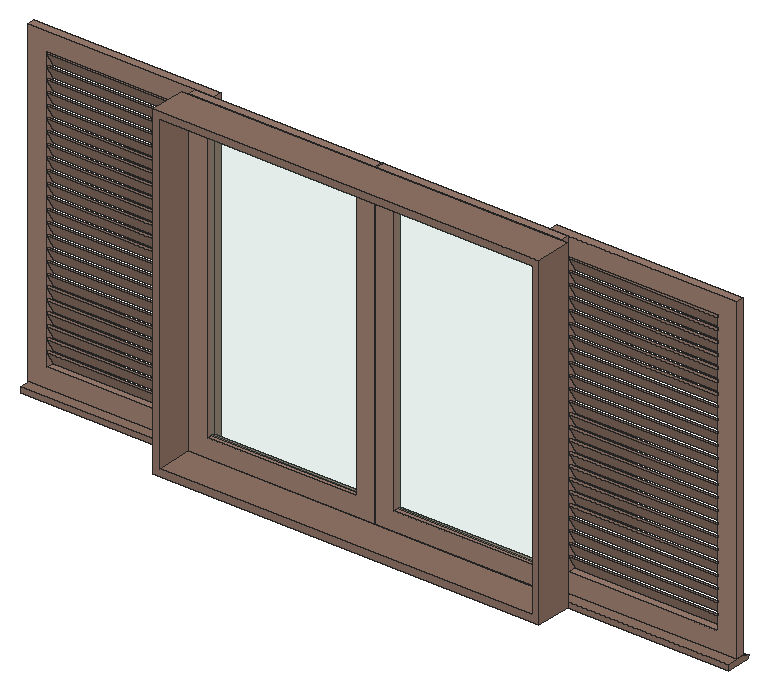
Revit family "Janela de correr com rebaixo_04", category Janelas, Revit 2015
Parameters (values of type "140x120x90")
  Vidro = Vidro, vitrificação transparente
  Rebaixo [instance] = 6.5 cm
  Peitoril externo = Amendoeira
  Nº de venezianas = Altura / 5 cm  # 24
  Largura do caixilho = 7 cm
  Largura da Folha = Largura / 2  # 70 cm
  Espessura do vidro = 0.6 cm
  Espessura do marco = 2.5 cm
  Espessura da folha = 3 cm
  Caixilho = Janela - Caixilho
  Altura = 120 cm
  Altura-padrão do peitoril = 90 cm
  Fechamento da parede = Por hospedeiro
  Largura = 140 cm
Types (3, lengths in cm): name | Largura da Folha | Largura
  (no name) | 70 | 140
  120x120x90 | 60 | 120
  140x120x90 | 70 | 140
Reference planes (cm)
  plane 1 "Centro (Frente/Trás)": y = 0
  plane 2 "Centro (Esquerda/Direita)": x = 0
  plane 3 "Esquerda": x = -70
  plane 4 "Direita": x = 70
  plane 5 "Peitoril": z = 90
  plane 6 "Extremidade superior": z = 210
  plane 7 "Exterior": y = 10.3327
  plane 8 "Interior": y = -9.6673
  plane 9 "Rebaixo": y = 3.8327
  plane 10: x = 63
  plane 11: x = 133
  plane 12: x = -63
  plane 13: x = -133
  plane 14: x = 135.5
  plane 15: x = -135.5
  plane 16: z = 212.5
  plane 17: z = 87.5
  plane 18: x = 72.5
  plane 19: x = -72.5
  plane 20: y = 7.3327
  plane 21: y = 7.0827
  plane 22: y = 4.0827
  plane 23: z = 207.5
  plane 24: x = 0
Forms (cm)
  Extrusion 1, void
    sketch origin (0, 0, 0) x (1, 0, 0) y (0, 1, 0)
      loop
        line (-133, 10.3327) -> (-133, 3.8327) -> (-72.5, 3.8327) -> (-72.5, -9.6673) -> (72.5, -9.6673) -> (72.5, 3.8327) -> (133, 3.8327) -> (133, 10.3327) -> (-133, 10.3327)
    from 87.5 to 210
  Extrusion 2, solid, material "Amendoeira"
    sketch origin (0, -9.6673, 0) x (1, 0, 0) y (0, 0, 1)
      loop
        line (-72.5, 210) -> (-72.5, 87.5) -> (72.5, 87.5) -> (72.5, 210) -> (-72.5, 210)
      loop
        line (-70, 207.5) -> (-70, 90) -> (70, 90) -> (70, 207.5) -> (-70, 207.5)
    from -13.5 to 0
  Extrusion 3, solid, material "Amendoeira"
    sketch origin (-70, 0, 0) x (0, -1, 0) y (0, 0, 1)
      loop
        line (-3.8327, 87.5) -> (-3.8327, 89.5) -> (-10.3327, 89.5) -> (-12.5848, 89.1029)
        arc (-12.5848, 89.1029) -> (-12.7625, 89.0003) -> (-12.8327, 88.8075) r 0.3
        line (-12.8327, 88.8075) -> (-12.8327, 87.5) -> (-12.3327, 87.5)
        arc (-12.3327, 87.5) -> (-11.8327, 88) -> (-11.3327, 87.5) r 0.5
        line (-11.3327, 87.5) -> (-3.8327, 87.5)
    from -203 to 63
  Extrusion 4, solid, material "Amendoeira"
    sketch origin (-70, 0, 0) x (0, -1, 0) y (0, 0, 1)
      loop
        line (-3.8327, 87.5) -> (-3.8327, 89.5) -> (-10.3327, 89.5) -> (-10.3327, 87.5) -> (-3.8327, 87.5)
    from -203 to 63
  Extrusion 5, solid, material "Janela - Caixilho" <- "Caixilho", detail levels medium+fine
    sketch origin (0, 0, 0) x (1, 0, 0) y (0, 1, 0)
      loop
        line (-0.447, 7.0827) -> (0.447, 7.0827)
        arc (0.447, 7.0827) -> (0.3815, 7.2408) -> (0.2235, 7.3062) r 0.2235
        line (0.2235, 7.3062) -> (-0.2235, 7.3062)
        arc (-0.2235, 7.3062) -> (-0.3815, 7.2408) -> (-0.447, 7.0827) r 0.2235
    from 90 to 210
Cuts and joins
  joined: Extrusion 2, Extrusion 3, Extrusion 4
Text (cm)
  text "EXTERIOR" at (-135.4806, 61.299, 0), in view "Nível de referência"
  text "INTERIOR" at (-135.4806, -42.8094, 0), in view "Nível de referência"
  text "Exterior" at (0, 92.3751, 294.3296), in view "Direita"
  text "Exterior" at (0, 104.0484, 268.5409), in view "Esquerda"
Dimensions and locks (cm)
  equal spacing: plane 3 "Esquerda", plane 2 "Centro (Esquerda/Direita)", plane 4 "Direita"
  "Largura": plane 3 "Esquerda" to plane 4 "Direita"
  "Altura": plane 5 "Peitoril" to plane 6 "Extremidade superior"
  "Altura-padrão do peitoril": plane 5 "Peitoril" to level
  locked: plane 7 "Exterior" to host wall at 0
  locked: plane 8 "Interior" to host wall
  "Largura do caixilho": plane 10 to plane 4 "Direita"
  "Largura da Folha": plane 10 to plane 11
  "Largura do caixilho": plane 3 "Esquerda" to plane 12
  "Largura da Folha": plane 12 to plane 13
  "Espessura do marco": plane 11 to plane 14
  "Espessura do marco": plane 6 "Extremidade superior" to plane 16
  "Espessura do marco": plane 17 to plane 5 "Peitoril"
  "Espessura do marco": plane 13 to plane 15
  "Espessura do marco": plane 19 to plane 3 "Esquerda"
  "Espessura do marco": plane 4 "Direita" to plane 18
  "Espessura da folha": plane 20 to plane 7 "Exterior"
  locked: plane 20 to plane 21 at 0.25
  "Espessura da folha": plane 21 to plane 22
  locked: plane 22 to plane 9 "Rebaixo" at 0.25
  "Rebaixo": plane 9 "Rebaixo" to plane 7 "Exterior"
  "Espessura do marco": plane 23 to plane 6 "Extremidade superior"
  aligned and locked: Extrusion 1 sketch curve to plane 7 "Exterior"
  aligned and locked: Extrusion 1 sketch curve to plane 9 "Rebaixo"  (x2)
  aligned and locked: plane 19 to Extrusion 1 sketch curve
  aligned and locked: plane 8 "Interior" to Extrusion 1 sketch curve
  aligned and locked: Extrusion 1 sketch curve to plane 18
  aligned and locked: plane 17 to Extrusion 1
  aligned and locked: Extrusion 1 sketch curve to plane 13
  aligned and locked: Extrusion 1 sketch curve to plane 11
  aligned and locked: Extrusion 1 to plane 6 "Extremidade superior"
  aligned and locked: plane 6 "Extremidade superior" to Extrusion 2 sketch curve
  aligned and locked: Extrusion 2 sketch curve to plane 19
  aligned and locked: Extrusion 2 sketch curve to plane 17
  aligned and locked: plane 18 to Extrusion 2 sketch curve
  aligned and locked: Extrusion 2 sketch curve to plane 23
  aligned and locked: Extrusion 2 sketch curve to plane 3 "Esquerda"
  aligned and locked: Extrusion 2 sketch curve to plane 5 "Peitoril"
  aligned and locked: plane 4 "Direita" to Extrusion 2 sketch curve
  aligned and locked: plane 9 "Rebaixo" to Extrusion 2
  aligned and locked: plane 8 "Interior" to Extrusion 2
  aligned and locked: Extrusion 3 sketch curve to plane 17  (x2)
  aligned and locked: Extrusion 3 sketch curve to plane 9 "Rebaixo"
  aligned and locked: plane 7 "Exterior" to Extrusion 3 sketch curve
  aligned and locked: Extrusion 3 to plane 13
  aligned and locked: Extrusion 3 to plane 11
  aligned and locked: Extrusion 4 sketch curve to plane 9 "Rebaixo"
  aligned and locked: Extrusion 4 sketch curve to plane 17
  aligned and locked: Extrusion 4 sketch curve to plane 7 "Exterior"
  aligned and locked: Extrusion 4 to plane 13
  aligned and locked: Extrusion 4 to plane 11
  aligned and locked: nested 1 to plane 22
  aligned and locked: plane 3 "Esquerda" to nested 1
  aligned and locked: nested 3 to plane 4 "Direita"
  aligned and locked: nested 3 to plane 22
  aligned and locked: nested 2 to plane 13
  aligned and locked: plane 7 "Exterior" to nested 2
  aligned and locked: nested 4 to plane 7 "Exterior"
  aligned and locked: nested 4 to plane 11
  aligned and locked: plane 5 "Peitoril" to nested 2
  aligned and locked: plane 5 "Peitoril" to nested 1
  aligned and locked: nested 3 to plane 5 "Peitoril"
  aligned and locked: nested 4 to plane 5 "Peitoril"
  aligned and locked: Extrusion 5 sketch curve to plane 21
  aligned and locked: plane 24 to plane 2 "Centro (Esquerda/Direita)"
  aligned and locked: Extrusion 5 to plane 6 "Extremidade superior"
  aligned and locked: plane 5 "Peitoril" to Extrusion 5
Automatic sketch dimensions
  host wall to Extrusion 3 sketch curve = 1.5 cm
  Extrusion 3 sketch curve to Extrusion 3 sketch curve = 0.7 cm
  plane 5 "Peitoril" to Extrusion 3 sketch curve = 0.8971 cm
  Extrusion 3 sketch curve to Extrusion 3 sketch curve = 0.0521 cm
  Extrusion 3 sketch curve to Extrusion 3 sketch curve = 1 cm
  plane 5 "Peitoril" to Extrusion 3 sketch curve = 0.5 cm
  Extrusion 3 sketch curve to Extrusion 3 sketch curve = 0.5 cm
  plane 5 "Peitoril" to Extrusion 4 sketch curve = 0.5 cm
  plane 2 "Centro (Esquerda/Direita)" to Extrusion 5 sketch curve = 0.2235 cm
  Extrusion 5 sketch curve to plane 2 "Centro (Esquerda/Direita)" = 0.2235 cm
  Extrusion 5 sketch curve to Extrusion 5 sketch curve = 0.2235 cm
Nested families (cm)
  nested 1: "Folha_Vidro" at (-35.5, 5.5827, 151), type "Folha_Vidro"
  nested 2: "Folha_Veneziana" at (-98.5, 8.8327, 150), type "Folha_Veneziana"
  nested 3: "Folha_Vidro" at (35.5, 5.5827, 151) x (-1, 0, 0) z (0, 0, 1), type "Folha_Vidro"
  nested 4: "Folha_Veneziana" at (98.5, 8.8327, 150) x (-1, 0, 0) z (0, 0, 1), type "Folha_Veneziana"
Definition of nested family "Folha_Vidro"
  Parameters (values of type "Folha_Vidro")
    Width = 70 cm
    Espessura do vidro = 0.6 cm
    Analytic Construction = "<Nenhum>"
    Type Comments = ""
    Rough Width = 0 cm
    Rough Height = 0 cm
    Espessura da folha = 3 cm
    Largura do caixilho = 7 cm
    Caixilho = none
    Manufacturer = "Marco Rocha"
    Vidro = none
    Height = 120 cm
    Assembly Code = ""
  Reference planes (cm)
    plane 1 "Center (Front/Back)": y = 0
    plane 2: z = -1
    plane 3 "Center (Left/Right)": x = 0.5
    plane 4: y = 1.5
    plane 5: y = -1.5
    plane 6: y = 0
    plane 7: z = -61
    plane 8: z = 59
    plane 9: z = 52
    plane 10: z = -54
    plane 11: x = 28.5
    plane 12: x = -27.5
    plane 13: x = -34.5
    plane 14: x = 35.5
    plane 15: y = 0.3
    plane 16: y = -0.3
  Forms (cm)
    Extrusion 1, solid, material <- "Caixilho"
      sketch origin (0, 0, -140) x (1, 0, 0) y (0, 0, 1)
        loop
          line (-34.5, 199) -> (-34.5, 79) -> (35.5, 79) -> (35.5, 199) -> (-34.5, 199)
        loop
          line (-27.5, 192) -> (-27.5, 86) -> (28.5, 86) -> (28.5, 192) -> (-27.5, 192)
      from -1.5 to 1.5
    Extrusion 2, solid, material <- "Vidro"
      sketch origin (0, 0, 0) x (1, 0, 0) y (0, 0, 1)
        loop
          line (-27.5, 52) -> (-27.5, -54) -> (28.5, -54) -> (28.5, 52) -> (-27.5, 52)
      from -0.3 to 0.3
  Lines and regions (cm)
    symbolic lines
      curve 1: line (-27.5, 0, 0) -> (28.5, 0, 0)
      curve 2: line (-27.5, 1.5, 0) -> (-27.5, -1.5, 0)
      curve 3: line (28.5, 1.5, 0) -> (28.5, -1.5, 0)
      curve 4: line (-34.5, 1.5, 0) -> (-27.5, 1.5, 0)
      curve 5: line (-34.5, -1.5, 0) -> (-27.5, -1.5, 0)
      curve 6: line (28.5, -1.5, 0) -> (35.5, -1.5, 0)
      curve 7: line (28.5, 1.5, 0) -> (35.5, 1.5, 0)
      curve 8: line (-34.5, 1.5, 0) -> (-34.5, -1.5, 0)
      curve 9: line (35.5, 1.5, 0) -> (35.5, -1.5, 0)
      curve 10: line (-27.5, 1.5, 0) -> (28.5, 1.5, 0)
      curve 11: line (-27.5, -1.5, 0) -> (28.5, -1.5, 0)
      curve 12: line (0.5, 0, 52) -> (0.5, 0, -54)
  Dimensions and locks (cm)
    equal spacing: plane 4, plane 6, plane 5
    "Espessura da folha": plane 4 to plane 5
    "Largura do caixilho": plane 8 to plane 9
    "Largura do caixilho": plane 10 to plane 7
    "Height": plane 8 to plane 7
    equal spacing: plane 11, plane 3 "Center (Left/Right)", plane 12
    "Largura do caixilho": plane 12 to plane 13
    "Largura do caixilho": plane 11 to plane 14
    "Width": plane 14 to plane 13
    equal spacing: plane 9, plane 2, plane 10
    equal spacing: plane 15, plane 6, plane 16
    "Espessura do vidro": plane 15 to plane 16
    aligned and locked: plane 13 to Extrusion 1 sketch curve
    aligned and locked: plane 12 to Extrusion 1 sketch curve
    aligned and locked: plane 7 to Extrusion 1 sketch curve
    aligned and locked: plane 10 to Extrusion 1 sketch curve
    aligned and locked: Extrusion 1 sketch curve to plane 14
    aligned and locked: plane 11 to Extrusion 1 sketch curve
    aligned and locked: Extrusion 1 sketch curve to plane 8
    aligned and locked: Extrusion 1 sketch curve to plane 9
    aligned and locked: plane 10 to Extrusion 1
    aligned and locked: Extrusion 2 sketch curve to plane 9
    aligned and locked: plane 12 to Extrusion 2 sketch curve
    aligned and locked: plane 10 to Extrusion 2 sketch curve
    aligned and locked: plane 11 to Extrusion 2 sketch curve
    aligned and locked: plane 15 to Extrusion 2
    aligned and locked: plane 16 to Extrusion 2
    aligned and locked: plane 4 to Extrusion 1
    aligned and locked: Extrusion 1 to plane 5
    aligned and locked: plane 12 to curve 1
    aligned and locked: curve 1 to plane 6
    aligned and locked: plane 4 to curve 2
    aligned and locked: plane 5 to curve 2
    aligned and locked: plane 12 to Extrusion 1
    aligned and locked: curve 3 to Extrusion 1
    aligned and locked: plane 11 to Extrusion 1
    aligned and locked: plane 4 to curve 3
    aligned and locked: plane 11 to curve 6
    aligned and locked: plane 14 to curve 6
    aligned and locked: curve 6 to plane 5
    aligned and locked: plane 14 to curve 7
    aligned and locked: plane 13 to curve 4
    aligned and locked: plane 12 to curve 4
    aligned and locked: plane 13 to curve 5
    aligned and locked: curve 5 to plane 5
    aligned and locked: curve 4 to plane 4
  Automatic sketch dimensions
    curve 12 to plane 1 "Center (Front/Back)" = 0 cm
    curve 12 to plane 10 = 0 cm
    curve 12 to plane 9 = 0 cm
Definition of nested family "Folha_Veneziana"
  Parameters (values of type "Folha_Veneziana")
    Largura das persianas = Width - 2 * (Largura do caixilho)  # 56 cm
    Largura da veneziana [instance] = 56 cm
    Width = 70 cm
    Analytic Construction = "<Nenhum>"
    Type Comments = ""
    Rough Width = 0 cm
    Caixilho = none
    Rough Height = 0 cm
    Espessura da veneziana = 3 cm
    Largura do caixilho = 7 cm
    Número de Venezianas = 24
    Manufacturer = "Marco Rocha"
    Veneziana = none
    Height = 120 cm
    Assembly Code = ""
  Reference planes (cm)
    plane 1 "Center (Front/Back)": y = 0
    plane 2: z = 0
    plane 3 "Center (Left/Right)": x = 0.5
    plane 4: y = 1.5
    plane 5: y = -1.5
    plane 6: y = 0
    plane 7: z = -60
    plane 8: z = 60
    plane 9: z = 53
    plane 10: z = -53
    plane 11: x = 28.5
    plane 12: x = -27.5
    plane 13: x = -34.5
    plane 14: x = 35.5
  Forms (cm)
    Extrusion 1, solid, material <- "Caixilho"
      sketch origin (0, 0, -140) x (1, 0, 0) y (0, 0, 1)
        loop
          line (-34.5, 200) -> (-34.5, 80) -> (35.5, 80) -> (35.5, 200) -> (-34.5, 200)
        loop
          line (-27.5, 193) -> (-27.5, 87) -> (28.5, 87) -> (28.5, 193) -> (-27.5, 193)
      from -1.5 to 1.5
  Lines and regions (cm)
    Masking region 1, detail levels medium+fine
      outline origin (0, 0, 0) x (1, 0, 0) y (0, 1, 0)
        loop
          line (-34.5, 1.5) -> (-34.5, -1.5) -> (-27.5, -1.5) -> (-27.5, 1.5) -> (-34.5, 1.5)
    Masking region 2, detail levels medium+fine
      outline origin (1, 0, 0) x (0, 1, 0) y (-1, 0, 0)
        loop
          line (1.5, -34.5) -> (1.5, -27.5) -> (-1.5, -27.5) -> (-1.5, -34.5) -> (1.5, -34.5)
    Masking region 3, detail levels coarse
      outline origin (0, 0, 0) x (1, 0, 0) y (0, 1, 0)
        loop
          line (-34.5, 1.5) -> (-34.5, -1.5) -> (35.5, -1.5) -> (35.5, 1.5) -> (-34.5, 1.5)
    Masking region 4, detail levels coarse
      outline origin (0.5, 0, 0) x (0, 1, 0) y (0, 0, 1)
        loop
          line (1.5, 60) -> (-1.5, 60) -> (-1.5, -60) -> (1.5, -60) -> (1.5, 60)
    symbolic lines, detail levels medium+fine
      curve 1: line (-27.5, 1.5, 0) -> (28.5, 1.5, 0)
      curve 2: line (-27.5, -1.5, 0) -> (28.5, -1.5, 0)
      curve 5: line (0.5, -1.5, 53) -> (0.5, 1.5, 48)
      curve 6: line (0.5, -1.5, -47.2225) -> (0.5, 1.5, -52.2225)
      curve 7: line (0.5, -1.5, 48.6425) -> (0.5, 1.5, 43.6425)
      curve 8: line (0.5, -1.5, 44.285) -> (0.5, 1.5, 39.285)
      curve 9: line (0.5, -1.5, 39.9275) -> (0.5, 1.5, 34.9275)
      curve 10: line (0.5, -1.5, 35.57) -> (0.5, 1.5, 30.57)
      curve 11: line (0.5, -1.5, 31.2125) -> (0.5, 1.5, 26.2125)
      curve 12: line (0.5, -1.5, 26.855) -> (0.5, 1.5, 21.855)
      curve 13: line (0.5, -1.5, 22.4975) -> (0.5, 1.5, 17.4975)
      curve 14: line (0.5, -1.5, 18.14) -> (0.5, 1.5, 13.14)
      curve 15: line (0.5, -1.5, 13.7825) -> (0.5, 1.5, 8.7825)
      curve 16: line (0.5, -1.5, 9.425) -> (0.5, 1.5, 4.425)
      curve 17: line (0.5, -1.5, 5.0675) -> (0.5, 1.5, 0.0675)
      curve 18: line (0.5, -1.5, 0.71) -> (0.5, 1.5, -4.29)
      curve 19: line (0.5, -1.5, -3.6475) -> (0.5, 1.5, -8.6475)
      curve 20: line (0.5, -1.5, -8.005) -> (0.5, 1.5, -13.005)
      curve 21: line (0.5, -1.5, -12.3625) -> (0.5, 1.5, -17.3625)
      curve 22: line (0.5, -1.5, -16.72) -> (0.5, 1.5, -21.72)
      curve 23: line (0.5, -1.5, -21.0775) -> (0.5, 1.5, -26.0775)
      curve 24: line (0.5, -1.5, -25.435) -> (0.5, 1.5, -30.435)
      curve 25: line (0.5, -1.5, -29.7925) -> (0.5, 1.5, -34.7925)
      curve 26: line (0.5, -1.5, -34.15) -> (0.5, 1.5, -39.15)
      curve 27: line (0.5, -1.5, -38.5075) -> (0.5, 1.5, -43.5075)
      curve 28: line (0.5, -1.5, -42.865) -> (0.5, 1.5, -47.865)
      curve 29: line (0.5, -1.5, 52.2225) -> (0.5, 1.5, 47.2225)
      curve 30: line (0.5, -1.5, -48) -> (0.5, 1.5, -53)
      curve 31: line (0.5, -1.5, 47.865) -> (0.5, 1.5, 42.865)
      curve 32: line (0.5, -1.5, 43.5075) -> (0.5, 1.5, 38.5075)
      curve 33: line (0.5, -1.5, 39.15) -> (0.5, 1.5, 34.15)
      curve 34: line (0.5, -1.5, 34.7925) -> (0.5, 1.5, 29.7925)
      curve 35: line (0.5, -1.5, 30.435) -> (0.5, 1.5, 25.435)
      curve 36: line (0.5, -1.5, 26.0775) -> (0.5, 1.5, 21.0775)
      curve 37: line (0.5, -1.5, 21.72) -> (0.5, 1.5, 16.72)
      curve 38: line (0.5, -1.5, 17.3625) -> (0.5, 1.5, 12.3625)
      curve 39: line (0.5, -1.5, 13.005) -> (0.5, 1.5, 8.005)
      curve 40: line (0.5, -1.5, 8.6475) -> (0.5, 1.5, 3.6475)
      curve 41: line (0.5, -1.5, 4.29) -> (0.5, 1.5, -0.71)
      curve 42: line (0.5, -1.5, -0.0675) -> (0.5, 1.5, -5.0675)
      curve 43: line (0.5, -1.5, -4.425) -> (0.5, 1.5, -9.425)
      curve 44: line (0.5, -1.5, -8.7825) -> (0.5, 1.5, -13.7825)
      curve 45: line (0.5, -1.5, -13.14) -> (0.5, 1.5, -18.14)
      curve 46: line (0.5, -1.5, -17.4975) -> (0.5, 1.5, -22.4975)
      curve 47: line (0.5, -1.5, -21.855) -> (0.5, 1.5, -26.855)
      curve 48: line (0.5, -1.5, -26.2125) -> (0.5, 1.5, -31.2125)
      curve 49: line (0.5, -1.5, -30.57) -> (0.5, 1.5, -35.57)
      curve 50: line (0.5, -1.5, -34.9275) -> (0.5, 1.5, -39.9275)
      curve 51: line (0.5, -1.5, -39.285) -> (0.5, 1.5, -44.285)
      curve 52: line (0.5, -1.5, -43.6425) -> (0.5, 1.5, -48.6425)
    symbolic lines
      curve 3: line (0.5, 1.5, 53) -> (0.5, -1.5, 53)
      curve 4: line (0.5, 1.5, -53) -> (0.5, -1.5, -53)
  Dimensions and locks (cm)
    equal spacing: plane 4, plane 6, plane 5
    "Espessura da veneziana": plane 4 to plane 5
    "Largura do caixilho": plane 8 to plane 9
    "Largura do caixilho": plane 10 to plane 7
    "Height": plane 8 to plane 7
    equal spacing: plane 11, plane 3 "Center (Left/Right)", plane 12
    "Largura do caixilho": plane 12 to plane 13
    "Largura do caixilho": plane 11 to plane 14
    "Width": plane 14 to plane 13
    equal spacing: plane 9, plane 2, plane 10
    "Largura da veneziana": plane 12 to plane 11
    equal spacing: group 1, group 3, group 4, group 5, group 6, group 7, group 8, group 9, group 10, group 11, group 12, group 13, group 14, group 15, group 16, group 17, group 18, group 19, group 20, group 21, group 22, group 23, group 24, group 2  (x2)
    equal spacing: group 2, group 24, group 23, group 22, group 21, group 20, group 19, group 18, group 17, group 16, group 15, group 14, group 13, group 12, group 11, group 10, group 9, group 8, group 7, group 6, group 5, group 4, group 3, group 1
    aligned and locked: plane 13 to Extrusion 1 sketch curve
    aligned and locked: plane 12 to Extrusion 1 sketch curve
    aligned and locked: plane 7 to Extrusion 1 sketch curve
    aligned and locked: plane 10 to Extrusion 1 sketch curve
    aligned and locked: Extrusion 1 sketch curve to plane 14
    aligned and locked: plane 11 to Extrusion 1 sketch curve
    aligned and locked: Extrusion 1 sketch curve to plane 8
    aligned and locked: Extrusion 1 sketch curve to plane 9
    aligned and locked: plane 10 to Extrusion 1
    aligned and locked: plane 9 to nested 1
    aligned and locked: plane 4 to Extrusion 1
    aligned and locked: Extrusion 1 to plane 5
    aligned and locked: nested 1 to plane 6
    aligned and locked: plane 6 to plane 1 "Center (Front/Back)"
    aligned and locked: nested 1 to plane 3 "Center (Left/Right)"
    aligned and locked: plane 10 to nested 2
    aligned and locked: Masking region 1 sketch curve to plane 4
    aligned and locked: plane 13 to Masking region 1 sketch curve
    aligned and locked: plane 5 to Masking region 1 sketch curve
    aligned and locked: Masking region 1 sketch curve to plane 12
    aligned and locked: plane 11 to Masking region 2 sketch curve
    aligned and locked: plane 4 to Masking region 2 sketch curve
    aligned and locked: plane 14 to Masking region 2 sketch curve
    aligned and locked: Masking region 2 sketch curve to plane 5
    aligned and locked: plane 12 to curve 1
    aligned and locked: plane 11 to curve 1
    aligned and locked: curve 1 to plane 4
    aligned and locked: plane 12 to curve 2
    aligned and locked: plane 11 to curve 2
    aligned and locked: curve 2 to plane 5
    aligned and locked: Masking region 3 sketch curve to plane 4
    aligned and locked: plane 13 to Masking region 3 sketch curve
    aligned and locked: plane 5 to Masking region 3 sketch curve
    aligned and locked: Masking region 3 sketch curve to plane 14
    aligned and locked: Masking region 4 sketch curve to plane 4
    aligned and locked: Masking region 4 sketch curve to plane 8
    aligned and locked: plane 7 to Masking region 4 sketch curve
    aligned and locked: plane 4 to curve 3
    aligned and locked: plane 5 to curve 3
    aligned and locked: curve 3 to plane 9
    aligned and locked: curve 4 to plane 10
  Automatic sketch dimensions
    Masking region 4 sketch curve to plane 5 = 0 cm
    curve 4 to plane 5 = 0 cm
    curve 4 to plane 4 = 0 cm
    curve 5 to curve 29 = 0 cm  (x2)
    curve 29 to curve 29 = 3 cm
    curve 29 to curve 5 = 0.7775 cm  (x2)
    curve 5 to curve 29 = 4.2225 cm
    curve 6 to curve 30 = 0 cm  (x2)
    curve 30 to curve 30 = 3 cm
    curve 30 to curve 6 = 0.7775 cm  (x2)
    curve 6 to curve 30 = 4.2225 cm
    curve 7 to curve 31 = 0 cm  (x2)
    curve 31 to curve 31 = 3 cm
    curve 31 to curve 7 = 0.7775 cm  (x2)
    curve 7 to curve 31 = 4.2225 cm
    curve 8 to curve 32 = 0 cm  (x2)
    curve 32 to curve 32 = 3 cm
    curve 32 to curve 8 = 0.7775 cm  (x2)
    curve 8 to curve 32 = 4.2225 cm
    curve 9 to curve 33 = 0 cm  (x2)
    curve 33 to curve 33 = 3 cm
    curve 33 to curve 9 = 0.7775 cm  (x2)
    curve 9 to curve 33 = 4.2225 cm
    curve 10 to curve 34 = 0 cm  (x2)
    curve 34 to curve 34 = 3 cm
    curve 34 to curve 10 = 0.7775 cm  (x2)
    curve 10 to curve 34 = 4.2225 cm
    curve 11 to curve 35 = 0 cm  (x2)
    curve 35 to curve 35 = 3 cm
    curve 35 to curve 11 = 0.7775 cm  (x2)
    curve 11 to curve 35 = 4.2225 cm
    curve 12 to curve 36 = 0 cm  (x2)
    curve 36 to curve 36 = 3 cm
    curve 36 to curve 12 = 0.7775 cm  (x2)
    curve 12 to curve 36 = 4.2225 cm
    curve 13 to curve 37 = 0 cm  (x2)
    curve 37 to curve 37 = 3 cm
    curve 37 to curve 13 = 0.7775 cm  (x2)
    curve 13 to curve 37 = 4.2225 cm
    curve 14 to curve 38 = 0 cm  (x2)
    curve 38 to curve 38 = 3 cm
    curve 38 to curve 14 = 0.7775 cm  (x2)
    curve 14 to curve 38 = 4.2225 cm
    curve 15 to curve 39 = 0 cm  (x2)
    curve 39 to curve 39 = 3 cm
    curve 39 to curve 15 = 0.7775 cm  (x2)
    curve 15 to curve 39 = 4.2225 cm
    curve 16 to curve 40 = 0 cm  (x2)
    curve 40 to curve 40 = 3 cm
    curve 40 to curve 16 = 0.7775 cm  (x2)
    curve 16 to curve 40 = 4.2225 cm
    curve 17 to curve 41 = 0 cm  (x2)
    curve 41 to curve 41 = 3 cm
    curve 41 to curve 17 = 0.7775 cm  (x2)
    curve 17 to curve 41 = 4.2225 cm
    curve 18 to curve 42 = 0 cm  (x2)
    curve 42 to curve 42 = 3 cm
    curve 42 to curve 18 = 0.7775 cm  (x2)
    curve 18 to curve 42 = 4.2225 cm
    curve 19 to curve 43 = 0 cm  (x2)
    curve 43 to curve 43 = 3 cm
    curve 43 to curve 19 = 0.7775 cm  (x2)
    curve 19 to curve 43 = 4.2225 cm
    curve 20 to curve 44 = 0 cm  (x2)
    curve 44 to curve 44 = 3 cm
    curve 44 to curve 20 = 0.7775 cm  (x2)
    curve 20 to curve 44 = 4.2225 cm
    curve 21 to curve 45 = 0 cm  (x2)
    curve 45 to curve 45 = 3 cm
    curve 45 to curve 21 = 0.7775 cm  (x2)
    curve 21 to curve 45 = 4.2225 cm
    curve 22 to curve 46 = 0 cm  (x2)
    curve 46 to curve 46 = 3 cm
    curve 46 to curve 22 = 0.7775 cm  (x2)
    curve 22 to curve 46 = 4.2225 cm
    curve 23 to curve 47 = 0 cm  (x2)
    curve 47 to curve 47 = 3 cm
    curve 47 to curve 23 = 0.7775 cm  (x2)
    curve 23 to curve 47 = 4.2225 cm
    curve 24 to curve 48 = 0 cm  (x2)
    curve 48 to curve 48 = 3 cm
    curve 48 to curve 24 = 0.7775 cm  (x2)
    curve 24 to curve 48 = 4.2225 cm
    curve 25 to curve 49 = 0 cm  (x2)
    curve 49 to curve 49 = 3 cm
    curve 49 to curve 25 = 0.7775 cm  (x2)
    curve 25 to curve 49 = 4.2225 cm
    curve 26 to curve 50 = 0 cm  (x2)
    curve 50 to curve 50 = 3 cm
    curve 50 to curve 26 = 0.7775 cm  (x2)
    curve 26 to curve 50 = 4.2225 cm
    curve 27 to curve 51 = 0 cm  (x2)
    curve 51 to curve 51 = 3 cm
    curve 51 to curve 27 = 0.7775 cm  (x2)
    curve 27 to curve 51 = 4.2225 cm
    curve 28 to curve 52 = 0 cm  (x2)
    curve 52 to curve 52 = 3 cm
    curve 52 to curve 28 = 0.7775 cm  (x2)
    curve 28 to curve 52 = 4.2225 cm
  Nested families (cm)
    nested 1: "Persiana" at (88, 0, 48), type "Persiana"
    nested 2: "Persiana" at (88, 0, -52.2225), type "Persiana"
    nested 3: "Persiana" at (88, 0, 43.6425), type "Persiana"
    nested 4: "Persiana" at (88, 0, 39.285), type "Persiana"
    nested 5: "Persiana" at (88, 0, 34.9275), type "Persiana"
    nested 6: "Persiana" at (88, 0, 30.57), type "Persiana"
    nested 7: "Persiana" at (88, 0, 26.2125), type "Persiana"
    nested 8: "Persiana" at (88, 0, 21.855), type "Persiana"
    nested 9: "Persiana" at (88, 0, 17.4975), type "Persiana"
    nested 10: "Persiana" at (88, 0, 13.14), type "Persiana"
    nested 11: "Persiana" at (88, 0, 8.7825), type "Persiana"
    nested 12: "Persiana" at (88, 0, 4.425), type "Persiana"
    nested 13: "Persiana" at (88, 0, 0.0675), type "Persiana"
    nested 14: "Persiana" at (88, 0, -4.29), type "Persiana"
    nested 15: "Persiana" at (88, 0, -8.6475), type "Persiana"
    nested 16: "Persiana" at (88, 0, -13.005), type "Persiana"
    nested 17: "Persiana" at (88, 0, -17.3625), type "Persiana"
    nested 18: "Persiana" at (88, 0, -21.72), type "Persiana"
    nested 19: "Persiana" at (88, 0, -26.0775), type "Persiana"
    nested 20: "Persiana" at (88, 0, -30.435), type "Persiana"
    nested 21: "Persiana" at (88, 0, -34.7925), type "Persiana"
    nested 22: "Persiana" at (88, 0, -39.15), type "Persiana"
    nested 23: "Persiana" at (88, 0, -43.5075), type "Persiana"
    nested 24: "Persiana" at (88, 0, -47.865), type "Persiana"
  Definition of nested family "Persiana"
    Parameters (values of type "Persiana")
      Width = 56 cm
      Espessura da persiana = 3 cm
      Analytic Construction = "<Nenhum>"
      Type Comments = "100% Parametrica"
      Manufacturer = "CESARITA"
      Persiana = none
      Height = 5 cm
      Assembly Code = ""
    Reference planes (cm)
      plane 1 "Center (Front/Back)": y = 0
      plane 2: z = 0
      plane 3 "Center (Left/Right)": x = -87.5
      plane 4: y = 1.5
      plane 5: y = -1.5
      plane 6 "Esquerda - Lamela": x = -115.5
      plane 7 "Direita - Lamela": x = -59.5
      plane 8: z = 5
      plane 9: x = -87.5
    Forms (cm)
      Extrusion 1, solid, material <- "Persiana"
        sketch origin (-87.5, 0, 0) x (0, 1, 0) y (0, 0, 1)
          loop
            line (-1.5, 5) -> (-1.5, 4.2225) -> (1.5, -0.7775) -> (1.5, 0) -> (-1.5, 5)
        from -28 to 28
    Dimensions and locks (cm)
      "Width": plane 7 "Direita - Lamela" to plane 6 "Esquerda - Lamela"
      equal spacing: plane 7 "Direita - Lamela", plane 3 "Center (Left/Right)", plane 6 "Esquerda - Lamela"
      "Height": plane 8 to level
      equal spacing: plane 6 "Esquerda - Lamela", plane 9, plane 7 "Direita - Lamela"
      plane 6 "Esquerda - Lamela" to plane 7 "Direita - Lamela" = 56 cm
      equal spacing: plane 4, plane 1 "Center (Front/Back)", plane 5
      "Espessura da persiana": plane 4 to plane 5
      aligned and locked: plane 7 "Direita - Lamela" to Extrusion 1
      aligned and locked: Extrusion 1 to plane 6 "Esquerda - Lamela"
      aligned and locked: plane 5 to Extrusion 1 sketch curve
      aligned and locked: plane 4 to Extrusion 1 sketch curve
      aligned and locked: level to Extrusion 1 sketch curve
    Automatic sketch dimensions
      Extrusion 1 sketch curve to Extrusion 1 sketch curve = 0.7775 cm  (x2)
      Extrusion 1 sketch curve to plane 8 = 0 cm
